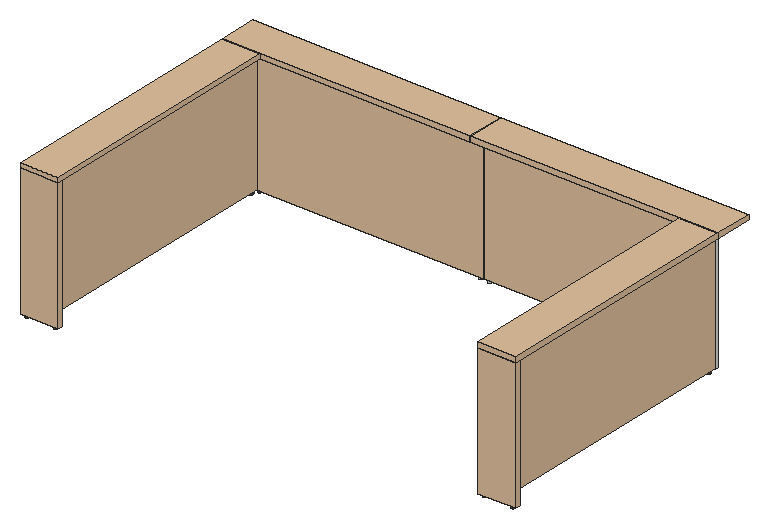
Revit family "Reception-Teknion-B_CRU_Reception_Desk_Module_U_Shaped-R2018", category Furniture, Revit 2018
Family settings
  OmniClass Number = 23.40.20.00
  OmniClass Title = General Furniture and Specialties
  Work Plane-Based = No
  Always vertical = Yes
  Cut with Voids When Loaded = No
  Shared = Yes
  Room Calculation Point = No
Parameters (values of type "1 9/16" Worksurface Thickness, 12" Depth")
  Worksurface Thickness = 1.555"
  Worksurface Finish [instance] = Veneer - Teknion - 5N - Flintwood - White Oak
  Width [instance] = 144.000"
  Warranty = "http://www.teknion.com/ca/papers/legal-canada"
  Unit Weight URL = "http://www.teknion.com/ca/tools/assets#&asset=bee6a381-b954-425e-8283-5a2de3a804f2,f828d448-4b62-4231-9e5f-9a8991c0ed77"
  URL = "www.teknion.com"
  To render please download texture images found here [instance] = "https://assets.teknion.com/web/5e81352c1dfdb467/revit-material-swatches/"
  Sustainability Data = "https://www.teknion.com/ca/tools/assets#&topic=216f99a5-57a0-44fc-b10a-9dee9b29ae4c&asset=444deb64-fe58-4b68-981e-f75e97781df7,b4ff2d81-9f2e-437d-9659-7cffb09c31cf"
  Series = "Expansion Casegoods"  # constant formula
  Right Return Width [instance] = 84.000"
  Product Page URL = "https://www.teknion.com/ca/products/product-details?productLineId=0053336e-8e7a-673b-a6c8-ff00004460c4"
  Product Line = "Expansion Casegoods"  # constant formula
  Product Documentation Link = "https://www.teknion.com/pricing/expansion-casegoods/pdfs/B_CRU_ppg.pdf"
  Part Number = "B_CRU"  # constant formula
  Model = "BXCRU12_______"
  Manufacturer Phone = "416-661-3370"  # constant formula
  Manufacturer Fax = "416.661.4586"  # constant formula
  Manufacturer Contact Information = "http://www.teknion.com/ca/contactus"
  Manufacturer Address = "1150 Flint Road, Toronto, ON. M3J 2J5. Canada"  # constant formula
  Manufacturer = "Teknion"  # constant formula
  Left Return Width [instance] = 84.000"
  Inset Panel Finish [instance] = Veneer - Teknion - 5N - Flintwood - White Oak
  How To Use Teknion Materials User Guide [instance] = "https://assets.teknion.com/m/205dd0a49fa58060/original/How-to-add-a-Material-Library-and-Texture-Images-to-your-Revit-project.pdf"
  Gable Finish [instance] = Veneer - Teknion - 5N - Flintwood - White Oak
  For Additional Finishes please visit [instance] = "https://assets.teknion.com/m/44a8009b046e5d47/original/Teknion_Materials_Library.zip"
  End Gable Thickness = 1.512"
  END length [instance] = if(Left Return Width > Right Return Width, Actual Left Return Width + End Gable Thickness, Actual Right Return Width + End Gable Thickness)  # 85.504"
  Description = "Reception Desk Module - U-Shaped, 1 9/16\" Worksurface Thickness, 12\" Depth"
  Corner Extrusion Finish [instance] = Paint - Teknion - Mica - Arctic
  Available Widths [instance] = " 84\", 90\", 96\", 102\", 118\", 114\", 120\", 126\", 132\", 138\", or 144\""  # constant formula
  Available Right Return Widths [instance] = " 24\", 30\", 36\", 42\", 48\", 54\", 60\", 66\", 72\", 78\", or 84\""  # constant formula
  Available Left Return Widths [instance] = " 24\", 30\", 36\", 42\", 48\", 54\", 60\", 66\", 72\", 78\", or 84\""  # constant formula
  Assembly Code = "E2020200"
  Actual Right Return Width [instance] = Right Return Width - 0.008"  # 83.992"
  Actual Left Return Width [instance] = Left Return Width - 0.008"  # 83.992"
  4 Filler Panels [instance] = not([3 Filler Panels])  # yes
  3 Filler Panels [instance] = not(Width > 84.000")  # no
  2 Main Worksurface [instance] = not([1 Main Worksurface])  # yes
  1 Main Worksurface [instance] = not(Width > 90.000")  # no
Types (3): name | Worksurface Thickness | Width | Right Return Width | Model | Left Return Width | End Gable Thickness | END length | Description | Actual Right Return Width | Actual Left Return Width | 4 Filler Panels | 3 Filler Panels | 2 Main Worksurface | 1 Main Worksurface
  (no name) | 1.555" | 144.000" | 84.000" | "BXCRU12_______" | 84.000" | 1.512" | 85.504" | "Reception Desk Module - U-Shaped, 1 9/16\" Worksurface Thickness, 12\" Depth" | 83.992" | 83.992" | yes | no | yes | no
  1 1/16" Worksurface Thickness, 12" Depth | 1.189" | 84.000" | 30.000" | "BMCRU12_______" | 30.000" | 1.016" | 31.008" | "Reception Desk Module - U-Shaped, 1 3/16\" Worksurface Thickness, 12\" Depth" | 29.992" | 29.992" | no | yes | no | yes
  1 9/16" Worksurface Thickness, 12" Depth | 1.555" | 144.000" | 84.000" | "BXCRU12_______" | 84.000" | 1.512" | 85.504" | "Reception Desk Module - U-Shaped, 1 9/16\" Worksurface Thickness, 12\" Depth" | 83.992" | 83.992" | yes | no | yes | no
Reference planes (in)
  plane 1 "Center Front/Back": y = 30.1542
  plane 2: z = 0
  plane 3 "Center Left/Right": x = 0
  plane 4 "Left": x = -78.508
  plane 5 "Right": x = 78.508
  plane 6 "Back": y = 36.6622
  plane 7 "Front": y = -55.3498
  plane 8 "Top": z = 42
  plane 9: x = -72
  plane 10: x = 72
  plane 11: y = -53.8378
  plane 12: y = -53.8378
  plane 13: z = 43.555
  plane 14: y = -55.3498
  plane 15: y = -55.3498
Forms (in)
  Sweep 1, solid, material "Veneer - Teknion - 5N - Flintwood - White Oak" <- "Worksurface Finish", visible <- "1 Main Worksurface"
    path origin (0, 30.1542, 0) x (1, 0, 0) y (0, 0, 1)
      loop
        line (0, 42) -> (0, 43.555)
    profile origin (0, 30.1542, 42.7775) x (-1, 0, 0) y (0, -1, 0)
      loop
        line (78.508, -6.508) -> (78.508, 5.492) -> (-78.508, 5.492) -> (-78.508, -6.508) -> (78.508, -6.508)
  Sweep 2, solid, material "Veneer - Teknion - 5N - Flintwood - White Oak" <- "Worksurface Finish", visible <- "2 Main Worksurface"
    path origin (0, 30.1542, 0) x (1, 0, 0) y (0, 0, 1)
      loop
        line (0, 42) -> (0, 43.555)
    profile origin (0, 30.1542, 42.7775) x (-1, 0, 0) y (0, -1, 0)
      loop
        line (78.508, -6.508) -> (78.508, 5.492) -> (0, 5.492) -> (0, -6.508) -> (78.508, -6.508)
  Sweep 3, solid, material "Veneer - Teknion - 5N - Flintwood - White Oak" <- "Worksurface Finish", visible <- "2 Main Worksurface"
    path origin (0, 30.1542, 0) x (1, 0, 0) y (0, 0, 1)
      loop
        line (0, 42) -> (0, 43.555)
    profile origin (0, 30.1542, 42.7775) x (-1, 0, 0) y (0, -1, 0)
      loop
        line (0, -6.508) -> (0, 5.492) -> (-78.508, 5.492) -> (-78.508, -6.508) -> (0, -6.508)
  Sweep 4, solid, material "Veneer - Teknion - 5N - Flintwood - White Oak" <- "Worksurface Finish"
    path origin (0, 30.1542, 0) x (1, 0, 0) y (0, 0, 1)
      loop
        line (0, 42) -> (0, 43.555)
    profile origin (0, 30.1542, 42.7775) x (-1, 0, 0) y (0, -1, 0)
      loop
        line (78.508, 5.492) -> (78.508, 85.504) -> (66.508, 85.504) -> (66.508, 5.492) -> (78.508, 5.492)
      loop
        line (-78.508, 5.492) -> (-66.508, 5.492) -> (-66.508, 85.504) -> (-78.508, 85.504) -> (-78.508, 5.492)
  Sweep 5, solid, material "Veneer - Teknion - 5N - Flintwood - White Oak" <- "Gable Finish"
    path origin (0, 30.1542, 0) x (1, 0, 0) y (0, 0, 1)
      loop
        line (0, 42) -> (0, 0.60236)
    profile origin (0, 30.1542, 21.30118) x (0, -1, 0) y (1, 0, 0)
      loop
        line (83.992, -78.508) -> (85.504, -78.508) -> (85.504, -66.508) -> (83.992, -66.508) -> (83.992, -78.508)
      loop
        line (83.992, 66.508) -> (85.504, 66.508) -> (85.504, 78.508) -> (83.992, 78.508) -> (83.992, 66.508)
  Sweep 6, solid, material "Veneer - Teknion - 5N - Flintwood - White Oak" <- "Inset Panel Finish"
    path origin (0, 30.1542, 0) x (1, 0, 0) y (0, 0, 1)
      loop
        line (0, 42) -> (0, 0.60236)
    profile origin (0, 30.1542, 21.30118) x (0, -1, 0) y (1, 0, 0)
      loop
        line (0, -73.01575) -> (83.992, -73.01575) -> (83.992, -72) -> (0, -72) -> (0, -73.01575)
      loop
        line (0, 73.01575) -> (0, 72) -> (83.992, 72) -> (83.992, 73.01575) -> (0, 73.01575)
  Sweep 7, solid, material "Veneer - Teknion - 5N - Flintwood - White Oak" <- "Inset Panel Finish", visible <- "3 Filler Panels"
    path origin (0, 30.1542, 0) x (1, 0, 0) y (0, 0, 1)
      loop
        line (0, 0.60236) -> (0, 42)
    profile origin (0, 30.1542, 21.30118) x (-1, 0, 0) y (0, -1, 0)
      loop
        line (73.01575, 0) -> (-73.01575, 0) -> (-73.01575, -1.016) -> (73.01575, -1.016) -> (73.01575, 0)
  Sweep 8, solid, material "Veneer - Teknion - 5N - Flintwood - White Oak" <- "Inset Panel Finish", visible <- "4 Filler Panels"
    path origin (0, 30.1542, 0) x (1, 0, 0) y (0, 0, 1)
      loop
        line (0, 42) -> (0, 0.60236)
    profile origin (0, 30.1542, 21.30118) x (0, -1, 0) y (1, 0, 0)
      loop
        line (-1.016, -73.01575) -> (0, -73.01575) -> (0, 0) -> (-1.016, 0) -> (-1.016, -73.01575)
  Sweep 9, solid, material "Veneer - Teknion - 5N - Flintwood - White Oak" <- "Inset Panel Finish", visible <- "4 Filler Panels"
    path origin (0, 30.1542, 0) x (1, 0, 0) y (0, 0, 1)
      loop
        line (0, 0.60236) -> (0, 42)
    profile origin (0, 30.1542, 21.30118) x (-1, 0, 0) y (0, -1, 0)
      loop
        line (0, -1.016) -> (0, 0) -> (-73.01575, 0) -> (-73.01575, -1.016) -> (0, -1.016)
  Sweep 10, solid, material "Paint - Teknion - Mica - Arctic" <- "Corner Extrusion Finish"
    path origin (0, 30.1542, 0) x (1, 0, 0) y (0, 0, 1)
      loop
        line (0, 42) -> (0, 0.60236)
    profile origin (0, 30.1542, 21.30118) x (0, -1, 0) y (1, 0, 0)
      loop
        line (-1.016, -73.01575) -> (-1.016, -72.54724) -> (-1.07899, -72.54724) -> (-1.07899, -73.07874) -> (-0.5475, -73.07874) -> (-0.5475, -73.01575) -> (-1.016, -73.01575)
      loop
        line (-1.016, 73.01575) -> (-0.5475, 73.01575) -> (-0.5475, 73.07874) -> (-1.07899, 73.07874) -> (-1.07899, 72.54724) -> (-1.016, 72.54724) -> (-1.016, 73.01575)
  Sweep 11, solid, material "Plastic - Teknion - E1 - Black"
    path origin (0, 30.1542, 0) x (1, 0, 0) y (0, 0, 1)
      loop
        line (0, 0) -> (0, 0.60236)
    profile origin (0, 30.1542, 0.30118) x (-1, 0, 0) y (0, -1, 0)
      loop
        circle (77.008, 84.748) r 0.5
      loop
        circle (68.008, 84.748) r 0.5
      loop
        circle (-77.008, 84.748) r 0.5
      loop
        circle (-68.008, 84.748) r 0.5
      loop
        circle (72.50787, 1.49987) r 0.5
      loop
        circle (71.51575, -0.508) r 0.5
      loop
        circle (-72.50787, 1.49987) r 0.5
      loop
        circle (-71.51575, -0.508) r 0.5
  Sweep 12, solid, visible <- "4 Filler Panels"
    path origin (0, 30.1542, 0) x (1, 0, 0) y (0, 0, 1)
      loop
        line (0, 0) -> (0, 0.60236)
    profile origin (0, 30.1542, 0.30118) x (-1, 0, 0) y (0, -1, 0)
      loop
        circle (-1.5, -0.508) r 0.5
      loop
        circle (1.5, -0.508) r 0.5
Lines and regions (in)
  Masking region 1
    outline origin (0, 0, 0) x (1, 0, 0) y (0, 1, 0)
      loop
        line (-78.508, 24.6622) -> (-78.508, -55.3498) -> (-66.508, -55.3498) -> (-66.508, 24.6622) -> (-78.508, 24.6622)
      loop
        line (66.508, 24.6622) -> (66.508, -55.3498) -> (78.508, -55.3498) -> (78.508, 24.6622) -> (66.508, 24.6622)
  Masking region 2, visible <- "2 Main Worksurface"
    outline origin (0, 0, 0) x (1, 0, 0) y (0, 1, 0)
      loop
        line (-78.508, 24.6622) -> (0, 24.6622) -> (0, 36.6622) -> (-78.508, 36.6622) -> (-78.508, 24.6622)
  Masking region 3, visible <- "2 Main Worksurface"
    outline origin (0, 0, 0) x (1, 0, 0) y (0, 1, 0)
      loop
        line (0, 24.6622) -> (78.508, 24.6622) -> (78.508, 36.6622) -> (0, 36.6622) -> (0, 24.6622)
  Masking region 4, visible <- "1 Main Worksurface"
    outline origin (0, 0, 0) x (1, 0, 0) y (0, 1, 0)
      loop
        line (-78.508, 24.6622) -> (78.508, 24.6622) -> (78.508, 36.6622) -> (-78.508, 36.6622) -> (-78.508, 24.6622)
  symbolic lines, style "FurnitureHiddenLines", detail levels medium+fine
    curve 1: line (-66.508, -53.8378, 0) -> (-78.508, -53.8378, 0)
    curve 2: line (78.508, -53.8378, 0) -> (66.508, -53.8378, 0)
    curve 3: line (-73.01575, 30.1542, 0) -> (73.01575, 30.1542, 0)
    curve 4: line (73.01575, 30.1542, 0) -> (73.01575, 31.1702, 0)
    curve 5: line (73.01575, 31.1702, 0) -> (-73.01575, 31.1702, 0)
    curve 6: line (-73.01575, 31.1702, 0) -> (-73.01575, 30.1542, 0)
    curve 7: line (-72, -53.8378, 0) -> (-72, 30.1542, 0)
    curve 8: line (-73.01575, 30.1542, 0) -> (-73.01575, -53.8378, 0)
    curve 9: line (72, 30.1542, 0) -> (72, -53.8378, 0)
    curve 10: line (73.01575, -53.8378, 0) -> (73.01575, 30.1542, 0)
  symbolic lines, style "FurnitureHiddenLines", detail levels fine
    curve 11: arc (-77.508, -54.5938, 0) -> (-77.008, -55.0938, 0) -> (-76.508, -54.5938, 0) r 0.5
    curve 12: arc (-76.508, -54.5938, 0) -> (-77.008, -54.0938, 0) -> (-77.508, -54.5938, 0) r 0.5
    curve 13: arc (-68.508, -54.5938, 0) -> (-68.008, -55.0938, 0) -> (-67.508, -54.5938, 0) r 0.5
    curve 14: arc (-67.508, -54.5938, 0) -> (-68.008, -54.0938, 0) -> (-68.508, -54.5938, 0) r 0.5
    curve 15: arc (-72.00787, 28.65433, 0) -> (-72.50787, 29.15433, 0) -> (-73.00787, 28.65433, 0) r 0.5
    curve 16: arc (-73.00787, 28.65433, 0) -> (-72.50787, 28.15433, 0) -> (-72.00787, 28.65433, 0) r 0.5
    curve 17: arc (-72.01575, 30.6622, 0) -> (-71.51575, 30.1622, 0) -> (-71.01575, 30.6622, 0) r 0.5
    curve 18: arc (-71.01575, 30.6622, 0) -> (-71.51575, 31.1622, 0) -> (-72.01575, 30.6622, 0) r 0.5
    curve 19: arc (72.00787, 28.65433, 0) -> (72.50787, 28.15433, 0) -> (73.00787, 28.65433, 0) r 0.5
    curve 20: arc (73.00787, 28.65433, 0) -> (72.50787, 29.15433, 0) -> (72.00787, 28.65433, 0) r 0.5
    curve 21: arc (72.01575, 30.6622, 0) -> (71.51575, 31.1622, 0) -> (71.01575, 30.6622, 0) r 0.5
    curve 22: arc (71.01575, 30.6622, 0) -> (71.51575, 30.1622, 0) -> (72.01575, 30.6622, 0) r 0.5
    curve 23: arc (67.508, -54.5938, 0) -> (68.008, -55.0938, 0) -> (68.508, -54.5938, 0) r 0.5
    curve 24: arc (68.508, -54.5938, 0) -> (68.008, -54.0938, 0) -> (67.508, -54.5938, 0) r 0.5
    curve 25: arc (76.508, -54.5938, 0) -> (77.008, -55.0938, 0) -> (77.508, -54.5938, 0) r 0.5
    curve 26: arc (77.508, -54.5938, 0) -> (77.008, -54.0938, 0) -> (76.508, -54.5938, 0) r 0.5
    curve 27: line (-73.07874, 30.7017, 0) -> (-73.01575, 30.7017, 0)
    curve 28: line (-73.07874, 31.2332, 0) -> (-73.07874, 30.7017, 0)
    curve 29: line (-72.54724, 31.2332, 0) -> (-73.07874, 31.2332, 0)
    curve 30: line (-72.54724, 31.1702, 0) -> (-72.54724, 31.2332, 0)
    curve 31: line (73.01575, 30.7017, 0) -> (73.07874, 30.7017, 0)
    curve 32: line (73.07874, 30.7017, 0) -> (73.07874, 31.2332, 0)
    curve 33: line (73.07874, 31.2332, 0) -> (72.54724, 31.2332, 0)
    curve 34: line (72.54724, 31.2332, 0) -> (72.54724, 31.1702, 0)
  symbolic lines, style "FurnitureHiddenLines", visible <- "4 Filler Panels", detail levels fine
    curve 35: arc (-2, 30.6622, 0) -> (-1.5, 30.1622, 0) -> (-1, 30.6622, 0) r 0.5
    curve 36: arc (-1, 30.6622, 0) -> (-1.5, 31.1622, 0) -> (-2, 30.6622, 0) r 0.5
    curve 37: arc (1, 30.6622, 0) -> (1.5, 30.1622, 0) -> (2, 30.6622, 0) r 0.5
    curve 38: arc (2, 30.6622, 0) -> (1.5, 31.1622, 0) -> (1, 30.6622, 0) r 0.5
    curve 39: line (0, 31.1702, 0) -> (0, 30.1542, 0)
  reference lines
    curve 40: line (-78.508, -55.3498, 0) -> (78.508, -55.3498, 0)
    curve 41: line (78.508, 36.6622, 0) -> (78.508, -55.3498, 0)
    curve 42: line (-78.508, 36.6622, 0) -> (78.508, 36.6622, 0)
    curve 43: line (-78.508, 36.6622, 0) -> (-78.508, -55.3498, 0)
Dimensions and locks (in)
  plane 4 "Left" to plane 5 "Right" = 157.016"
  "END length": plane 1 "Center Front/Back" to plane 7 "Front"
  locked: plane 8 "Top" to level at 42
  equal spacing: plane 9, plane 3 "Center Left/Right", plane 10
  "Width": plane 9 to plane 10
  locked: plane 10 to plane 5 "Right" at 6.508
  locked: plane 4 "Left" to plane 9 at 6.508
  "Actual Left Return Width": plane 11 to plane 1 "Center Front/Back"
  "Actual Right Return Width": plane 12 to plane 1 "Center Front/Back"
  locked: plane 1 "Center Front/Back" to plane 6 "Back" at 6.508
  "Worksurface Thickness": plane 13 to plane 8 "Top"
  locked: plane 6 "Back" to Sweep 1 sketch curve at 12
  "End Gable Thickness": plane 11 to plane 14
  "End Gable Thickness": plane 12 to plane 15
  locked: Sweep 2 sketch curve to plane 1 "Center Front/Back" at 5.492
  locked: Sweep 3 sketch curve to plane 1 "Center Front/Back" at 5.492
  plane 6 "Back" to Sweep 4 sketch curve to Sweep 4 sketch curve = 12.000" locked, 0.000" locked
  locked: Sweep 4 sketch curve to Sweep 4 sketch curve at 12
  locked: Sweep 4 sketch curve to plane 5 "Right" at 12
  locked: Sweep 5 sketch curve to level at 0.60236
  locked: Sweep 5 sketch curve to plane 5 "Right" at 12
  locked: plane 4 "Left" to Sweep 5 sketch curve at 12
  locked: Sweep 6 sketch curve to level at 0.60236
  locked: Sweep 6 sketch curve to plane 9 at 1.01575
  locked: plane 10 to Sweep 6 sketch curve at 1.01575
  locked: Sweep 7 sketch curve to level at 0.60236
  Sweep 6 to Sweep 6 = 1.01575"
  locked: Sweep 7 sketch curve to plane 9 at 1.01575
  locked: plane 1 "Center Front/Back" to Sweep 7 sketch curve at 1.016
  locked: plane 10 to Sweep 7 sketch curve at 1.01575
  locked: Sweep 8 sketch curve to level at 0.60236
  locked: Sweep 8 sketch curve to plane 9 at 1.01575
  locked: plane 1 "Center Front/Back" to Sweep 8 sketch curve at 1.016
  locked: Sweep 9 sketch curve to level at 0.60236
  locked: plane 1 "Center Front/Back" to Sweep 9 sketch curve at 1.016
  locked: plane 10 to Sweep 9 sketch curve at 1.01575
  locked: Sweep 10 sketch curve to level at 0.60236
  Sweep 10 sketch curve to Sweep 10 sketch curve to Sweep 10 sketch curve to plane 9 = 0.06299", 0.4685", 0.54724"
  plane 1 "Center Front/Back" to Sweep 10 sketch curve to Sweep 10 sketch curve to Sweep 10 sketch curve = 0.5475" locked, 0.4685" locked, 0.06299" locked  (x2)
  plane 10 to Sweep 10 sketch curve to Sweep 10 sketch curve to Sweep 10 sketch curve = 0.54724" locked, 0.4685" locked, 0.06299" locked
  locked: Sweep 11 sketch curve to level at 0.60236
  equal spacing: plane 11, Sweep 11 sketch curve, plane 14  (x2)
  Sweep 11 sketch curve to plane 9 to Sweep 11 sketch curve = 5.008" locked, 3.992" locked
  Sweep 11 sketch curve to plane 10 to Sweep 11 sketch curve = 3.992" locked, 5.008" locked
  equal spacing: plane 12, Sweep 11 sketch curve, plane 15  (x2)
  Sweep 11 sketch curve to plane 9 to Sweep 11 sketch curve = 0.50787" locked, 0.48425" locked
  Sweep 11 sketch curve to plane 1 "Center Front/Back" to Sweep 11 sketch curve = 1.49987" locked, 0.508" locked  (x2)
  Sweep 11 sketch curve to plane 10 to Sweep 11 sketch curve = 0.48425" locked, 0.50787" locked
  locked: Sweep 12 sketch curve to level at 0.60236
  Sweep 12 sketch curve to plane 3 "Center Left/Right" to Sweep 12 sketch curve = 1.500" locked, 1.500" locked
  plane 1 "Center Front/Back" to Sweep 12 sketch curve to Sweep 12 sketch curve = 0.508" locked, 0.000" locked
  aligned and locked: level to plane 2
  aligned and locked: plane 13 to Sweep 1 sketch curve
  aligned and locked: plane 8 "Top" to Sweep 1 sketch curve
  aligned and locked: plane 3 "Center Left/Right" to Sweep 1 sketch curve
  aligned and locked: Sweep 1 sketch curve to plane 6 "Back"
  aligned and locked: plane 4 "Left" to Sweep 1 sketch curve
  aligned and locked: Sweep 1 sketch curve to plane 5 "Right"
  aligned and locked: plane 13 to Sweep 2 sketch curve
  aligned and locked: plane 8 "Top" to Sweep 2 sketch curve
  aligned and locked: plane 3 "Center Left/Right" to Sweep 2 sketch curve
  aligned and locked: Sweep 2 sketch curve to Sweep 1
  aligned and locked: plane 4 "Left" to Sweep 2 sketch curve
  aligned and locked: Sweep 2 sketch curve to profile plane
  aligned and locked: plane 13 to Sweep 3 sketch curve
  aligned and locked: plane 8 "Top" to Sweep 3 sketch curve
  aligned and locked: plane 3 "Center Left/Right" to Sweep 3 sketch curve  (x2)
  aligned and locked: Sweep 3 sketch curve to plane 6 "Back"
  aligned and locked: Sweep 3 sketch curve to plane 5 "Right"
  aligned and locked: plane 13 to Sweep 4 sketch curve
  aligned and locked: plane 8 "Top" to Sweep 4 sketch curve
  aligned and locked: plane 3 "Center Left/Right" to Sweep 4 sketch curve
  aligned and locked: Sweep 4 sketch curve to plane 4 "Left"
  aligned and locked: Sweep 4 sketch curve to plane 5 "Right"
  aligned and locked: Sweep 4 sketch curve to plane 15
  aligned and locked: plane 14 to Sweep 4 sketch curve
  aligned and locked: plane 8 "Top" to Sweep 5 sketch curve
  aligned and locked: Sweep 5 sketch curve to plane 3 "Center Left/Right"
  aligned and locked: plane 5 "Right" to Sweep 5 sketch curve
  aligned and locked: Sweep 5 sketch curve to plane 12
  aligned and locked: Sweep 5 sketch curve to plane 15
  aligned and locked: plane 14 to Sweep 5 sketch curve
  aligned and locked: Sweep 5 sketch curve to plane 11
  aligned and locked: Sweep 5 sketch curve to plane 4 "Left"
  aligned and locked: plane 8 "Top" to Sweep 6 sketch curve
  aligned and locked: Sweep 6 sketch curve to plane 3 "Center Left/Right"
  aligned and locked: plane 11 to Sweep 6 sketch curve
  aligned and locked: plane 1 "Center Front/Back" to Sweep 6 sketch curve
  aligned and locked: Sweep 6 sketch curve to plane 9
  aligned and locked: Sweep 6 sketch curve to plane 10
  aligned and locked: Sweep 6 sketch curve to plane 1 "Center Front/Back"
  aligned and locked: Sweep 6 sketch curve to plane 12
  aligned and locked: plane 8 "Top" to Sweep 7 sketch curve
  aligned and locked: plane 3 "Center Left/Right" to Sweep 7 sketch curve
  aligned and locked: plane 1 "Center Front/Back" to Sweep 7 sketch curve
  aligned and locked: plane 8 "Top" to Sweep 8 sketch curve
  aligned and locked: Sweep 8 sketch curve to plane 3 "Center Left/Right"  (x2)
  aligned and locked: Sweep 8 sketch curve to plane 1 "Center Front/Back"
  aligned and locked: plane 8 "Top" to Sweep 9 sketch curve
  aligned and locked: plane 3 "Center Left/Right" to Sweep 9 sketch curve  (x2)
  aligned and locked: Sweep 9 sketch curve to plane 1 "Center Front/Back"
  aligned and locked: Sweep 10 sketch curve to plane 3 "Center Left/Right"
  aligned and locked: plane 8 "Top" to Sweep 10 sketch curve
  aligned and locked: plane 3 "Center Left/Right" to Sweep 11 sketch curve
  aligned and locked: level to Sweep 11 sketch curve
  aligned and locked: level to Sweep 12 sketch curve
  aligned and locked: plane 3 "Center Left/Right" to Sweep 12 sketch curve
  aligned and locked: Masking region 1 sketch curve to Sweep 4  (x8)
  aligned and locked: Masking region 2 sketch curve to Sweep 2  (x4)
  aligned and locked: Masking region 3 sketch curve to Sweep 3  (x4)
  aligned and locked: Masking region 4 sketch curve to Sweep 1  (x4)
  aligned and locked: curve 1 to Sweep 5
  aligned and locked: curve 2 to Sweep 5
  aligned and locked: curve 3 to Sweep 7
  aligned and locked: curve 4 to Sweep 7
  aligned and locked: curve 5 to Sweep 7
  aligned and locked: curve 6 to Sweep 7
  aligned and locked: curve 7 to Sweep 6
  aligned and locked: curve 8 to Sweep 6
  aligned and locked: curve 9 to Sweep 6
  aligned and locked: curve 10 to Sweep 6
  aligned and locked: curve 11 to Sweep 11
  aligned and locked: curve 12 to Sweep 11
  aligned and locked: curve 13 to Sweep 11
  aligned and locked: curve 14 to Sweep 11
  aligned and locked: curve 15 to Sweep 11
  aligned and locked: curve 16 to Sweep 11
  aligned and locked: curve 17 to Sweep 11
  aligned and locked: curve 18 to Sweep 11
  aligned and locked: curve 19 to Sweep 11
  aligned and locked: curve 20 to Sweep 11
  aligned and locked: curve 21 to Sweep 11
  aligned and locked: curve 22 to Sweep 11
  aligned and locked: curve 23 to Sweep 11
  aligned and locked: curve 24 to Sweep 11
  aligned and locked: curve 25 to Sweep 11
  aligned and locked: curve 26 to Sweep 11
  aligned and locked: curve 27 to Sweep 10
  aligned and locked: curve 28 to Sweep 10
  aligned and locked: curve 29 to Sweep 10
  aligned and locked: curve 30 to Sweep 10
  aligned and locked: curve 31 to Sweep 10
  aligned and locked: curve 32 to Sweep 10
  aligned and locked: curve 33 to Sweep 10
  aligned and locked: curve 34 to Sweep 10
  aligned and locked: curve 35 to Sweep 12
  aligned and locked: curve 36 to Sweep 12
  aligned and locked: curve 37 to Sweep 12
  aligned and locked: curve 38 to Sweep 12
  aligned and locked: curve 39 to Sweep 9
  aligned and locked: curve 40 to plane 7 "Front"
  aligned and locked: curve 41 to plane 5 "Right"
  aligned and locked: curve 42 to plane 6 "Back"
  aligned and locked: curve 43 to plane 4 "Left"
Automatic sketch dimensions
  curve 1 to plane 4 "Left" = 0.000"
  curve 2 to plane 5 "Right" = 0.000"
  curve 14 to curve 1 = 1.500"
  curve 2 to curve 23 = 1.500"
  radius of Sweep 11 sketch curve = 0.500"  (x8)
  radius of Sweep 12 sketch curve = 0.500"  (x2)
